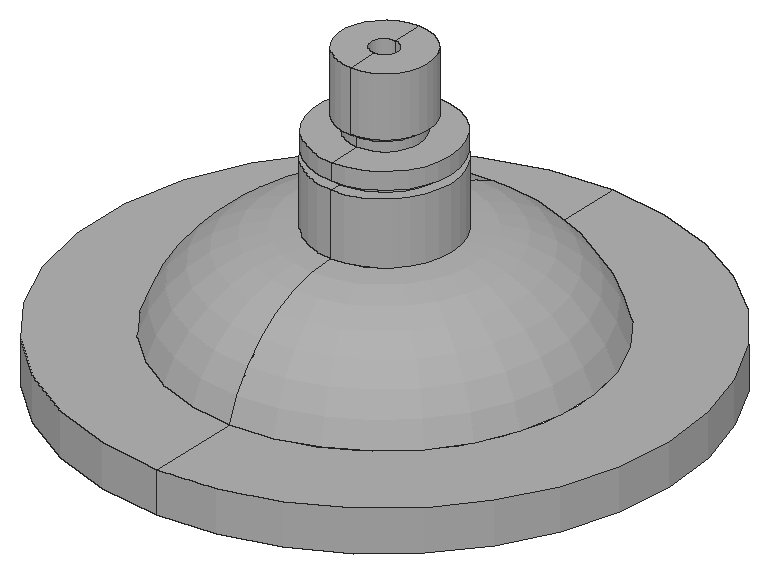
Revit family "BRG-GRF-DCH_ Briggs Reg. Red. Top Met Cr 15.5 cm", category Aparatos sanitarios, Revit 2020
Family settings
  Cota de conector redondo = Diámetro de uso
  Tipo de pieza = Normal
  Número OmniClass = 23.45.00.00
  Título OmniClass = Sanitary, Laundry, and Cleaning Equipment
  Se basa en plano de trabajo = No
  Siempre vertical = Sí
  Corte con vacíos al cargar = No
  Compartido = Sí
  Punto de cálculo de habitación = Sí
Parameters (values of type "REGADERA REDONDA TOP METÁLICA 15.5 CM")
  _EDESA_ Sku/código = "SG0083670001BO"
  _EDESA_ Materiales = "Latón"
  _EDESA_ Garantía = "De por vida para el cuerpo principal y acabado en cromo (306)"
  _EDESA_ Cumple normativa ADA = ""
  _EDESA_ Contacto comercial = "(02) 395 2900"
  _EDESA_ Conexión hidráulica = "Entrada de agua: tubería ø 1/2\""
  _EDESA_ Certificación = "Cumple con norma NTE - INEN 3123 basada en la norma ASME 112.18.1 - 2012."
  _EDESA_ Productos necesarios para instalación = "Brazo de ducha"
  _EDESA_ Productos incluídos = ""
  _EDESA_ Color = "cromo"
  _EDESA_ Descripción = "Regadera de ducha."
  _EDESA_ Peso en kg = "1.8 kg"
  _EDESA_ Consumo/capacidad de agua en L = "9.5 litros por minuto / 2.5 gpm"
  _EDESA_ Distancia de instalación en cm (muro terminado) = "0"
  _EDESA_ Tipo de instalación = "Con brazo de ducha"
  _EDESA_ Profundidad en cm = "15.5"
  _EDESA_ Categoría = "Productos > Grifería > Ducha"
  _EDESA_ BIM Manager = "Arq. Milton Ruano"
  _EDESA_ Autor BIM = "www.bimplus.com.ec (bimplus.arquitectura.integrada@gmail.com)"
  _EDESA_ Ancho en cm = "15.5"
  _EDESA_ Alto en cm = "7.8"
  _EDESA_ Manual de Instalación = "https://www.briggs.com.ec/productos/instructivos/Briggs/Griferia/Regadera_con_brazo.pdf"
  _EDESA_ Nombre = "REGADERA REDONDA TOP METÁLICA 15.5 CM"
  _ALT_Eje instalación = 0.60 m
  _ALT_Basamento = 0.85 m
  URL = ""
  Modelo = "REGADERA REDONDA TOP METÁLICA 15.5 CM"
  Imagen de tipo = <Ninguno>
  Fabricante = "BRIGGS Ecuador"
  Elevación por defecto = 0.00 m
  Conexión de ventilación = yes
  Conexión de residuos = yes
  Conexión AF = yes
  Conexión AC = yes
Reference planes (m)
  plane 1 "Centro (Frontal/Posterior)": y = 0
  plane 2: z = 0
  plane 3 "Centro (Izquierda/Derecha)": x = 0
Dimensions and locks (m)
  aligned and locked: level to plane 2
  aligned and locked: plane 3 "Centro (Izquierda/Derecha)" to nested 1
  aligned and locked: plane 1 "Centro (Frontal/Posterior)" to nested 1
Nested families (m)
  nested 1: "REJILLA" at (0, 0, 0), type "REJILLA"
Connectors (m)
  piping at (0, 0, 0), diameter 0.0127
    settings: on nested 1, index 1, connector inside diameter 609.6 mm, connector length 0.00 m, flow factor 0, pipe flow 0.0 L/s, pressure drop 0.0 Pa, fitting loss kfactor 0, connector angle 0.00°, fixture units 0, engagement length 0.00 m, angle of deflection 0.00°, flow configuration 0, flow direction 1, fitting loss method 0, system type 7, joint type 0, gender type 0, connector reference index -1, connector utility 0, adjustable connector no, is connector primary yes, connector description ""
Definition of nested family "REJILLA"
  Parameters (values of type "REJILLA")
    _EDESA_tipo genérico = "Inodoro"
    _EDESA_URL de ficha técnica = "https://edesa.com.ec/productos/fichastecnicaspdf/Edesa/Sanitarios/Andes.pdf"
    _EDESA_Imagen = 0
    _EDESA_Fábrica nacional = "EDESA Ecuador"
    _EDESA_Código de producto = "JS0022641301CE"
    _EDESA_ Tolerancia dimensional = "± 3% > 20 cm ± 5% < 20 cm"
    _EDESA_ Tipo de montaje / instalación = "30.5 cm"
    _EDESA_ Superficie del agua = "15.5 cm x 18.8 cm"
    _EDESA_ SKU = "JS0022641301CE"
    _EDESA_ Material secundario = "Plástico blanco"
    _EDESA_ Material principal = "Porcelana tono verde mist"
    _EDESA_ Altura = 72.80 m
    _EDESA_ Peso = "23.20 Kg"
    _EDESA_ Nivel mínimo del agua del tanque = "17.5 cm"
    _EDESA_ Largo = 67.50 m
    _EDESA_ Espesor mínimo = "0.6 cm"
    _EDESA_ Diámetro trampa = "4.8 cm"
    _EDESA_ Color = "Blanco"
    _EDESA_ Categoria = "Two pieces"
    _EDESA_ Capacidad / consumo de agua = "4.8 litros"
    _EDESA_ Ancho = 36.50 m
    _EDESA_ Altura de sello = "N/A"
    _ALT_Toma = 0.60 m
    _ALT_Meson = 0.85 m
    URL = "https://edesa.com.ec/productos/fichastecnicaspdf/Edesa/Sanitarios/Andes.pdf"
    Model = "_Edesa_ INODORO ANDES C/A BLANCO"
    Type Image = element 397283
    Manufacturer = "EDESA Ecuador"
    Default Elevation = 0.00 m
    Vent Connection = no
    Waste Connection = no
    CW Connection = no
    HW Connection = no
  Reference planes (m)
    plane 1 "Centro (Frontal/Posterior)": y = 0
    plane 2: z = 0
    plane 3 "Centro (Izquierda/Derecha)": x = 0
    plane 4 "_Alt_Altura de Meson": z = 0.85
    plane 5 "Centro I/E": z = 0.946565
    plane 6 "_RP_Eje": z = 0.6
    plane 7 "Centro (Frontal/Posterior)": y = 0
  Forms (m)
    Revolve 1, solid
      sketch origin (0, 0, 0) x (0, 1, 0) y (0, 0, 1)
        loop
          line (0, -0.079) -> (0.0765, -0.079) -> (0.0765, -0.068) -> (0.052, -0.068)
          arc (0.052, -0.068) -> (0.039101, -0.049923) -> (0.018, -0.043) r 0.03562
          line (0.018, -0.043) -> (0.018, -0.0265) -> (0.015, -0.0265) -> (0.015, -0.0245) -> (0.01775, -0.0245) -> (0.01775, -0.02) -> (0.00925, -0.02) -> (0.00925, -0.0175) -> (0.0115, -0.016) -> (0.0115, 0) -> (0.0035, 0) -> (0.0035, -0.005) -> (0, -0.005) -> (0, -0.079)
        axis (0, -0.079) -> (0, 0)
      angle from 0 to 360
    Revolve 2, solid
      sketch origin (0, -0.001, 0) x (0, -1, 0) y (0, 0, 1)
        loop
          line (-0.065, -0.0835) -> (-0.065, -0.079) -> (-0.069, -0.079) -> (-0.069, -0.0805)
          arc (-0.069, -0.0805) -> (-0.066879, -0.081379) -> (-0.066, -0.0835) r 0.003
          line (-0.066, -0.0835) -> (-0.065, -0.0835)
        axis (-0.065, -0.079) -> (-0.065, -0.0835)
      angle from 0 to 360
    Revolve 3, solid, not visible
      sketch origin (0, 0, 0) x (0, 1, 0) y (0, 0, 1)
        loop
          line (-0.065, -0.0835) -> (-0.065, -0.079) -> (-0.069, -0.079) -> (-0.069, -0.0805)
          arc (-0.069, -0.0805) -> (-0.066879, -0.081379) -> (-0.066, -0.0835) r 0.003
          line (-0.066, -0.0835) -> (-0.065, -0.0835)
        axis (-0.065, -0.079) -> (-0.065, -0.0835)
      angle from 0 to 360
    Revolve 4, solid
      sketch origin (0.000259, -0.000966, 0) x (0.258819, -0.965926, 0) y (0, 0, 1)
        loop
          line (-0.065, -0.0835) -> (-0.065, -0.079) -> (-0.069, -0.079) -> (-0.069, -0.0805)
          arc (-0.069, -0.0805) -> (-0.066879, -0.081379) -> (-0.066, -0.0835) r 0.003
          line (-0.066, -0.0835) -> (-0.065, -0.0835)
        axis (-0.065, -0.079) -> (-0.065, -0.0835)
      angle from 0 to 360
    Revolve 5, solid
      sketch origin (-0.000259, -0.000966, 0) x (-0.258819, -0.965926, 0) y (0, 0, 1)
        loop
          line (-0.065, -0.0835) -> (-0.065, -0.079) -> (-0.069, -0.079) -> (-0.069, -0.0805)
          arc (-0.069, -0.0805) -> (-0.066879, -0.081379) -> (-0.066, -0.0835) r 0.003
          line (-0.066, -0.0835) -> (-0.065, -0.0835)
        axis (-0.065, -0.079) -> (-0.065, -0.0835)
      angle from 0 to 360
    Revolve 6, solid
      sketch origin (-0.0005, -0.000866, 0) x (-0.5, -0.866025, 0) y (0, 0, 1)
        loop
          line (-0.065, -0.0835) -> (-0.065, -0.079) -> (-0.069, -0.079) -> (-0.069, -0.0805)
          arc (-0.069, -0.0805) -> (-0.066879, -0.081379) -> (-0.066, -0.0835) r 0.003
          line (-0.066, -0.0835) -> (-0.065, -0.0835)
        axis (-0.065, -0.079) -> (-0.065, -0.0835)
      angle from 0 to 360
    Revolve 7, solid
      sketch origin (-0.000707, -0.000707, 0) x (-0.707107, -0.707107, 0) y (0, 0, 1)
        loop
          line (-0.065, -0.0835) -> (-0.065, -0.079) -> (-0.069, -0.079) -> (-0.069, -0.0805)
          arc (-0.069, -0.0805) -> (-0.066879, -0.081379) -> (-0.066, -0.0835) r 0.003
          line (-0.066, -0.0835) -> (-0.065, -0.0835)
        axis (-0.065, -0.079) -> (-0.065, -0.0835)
      angle from 0 to 360
    Revolve 8, solid
      sketch origin (-0.000866, -0.0005, 0) x (-0.866025, -0.5, 0) y (0, 0, 1)
        loop
          line (-0.065, -0.0835) -> (-0.065, -0.079) -> (-0.069, -0.079) -> (-0.069, -0.0805)
          arc (-0.069, -0.0805) -> (-0.066879, -0.081379) -> (-0.066, -0.0835) r 0.003
          line (-0.066, -0.0835) -> (-0.065, -0.0835)
        axis (-0.065, -0.079) -> (-0.065, -0.0835)
      angle from 0 to 360
    Revolve 9, solid
      sketch origin (-0.000966, -0.000259, 0) x (-0.965926, -0.258819, 0) y (0, 0, 1)
        loop
          line (-0.065, -0.0835) -> (-0.065, -0.079) -> (-0.069, -0.079) -> (-0.069, -0.0805)
          arc (-0.069, -0.0805) -> (-0.066879, -0.081379) -> (-0.066, -0.0835) r 0.003
          line (-0.066, -0.0835) -> (-0.065, -0.0835)
        axis (-0.065, -0.079) -> (-0.065, -0.0835)
      angle from 0 to 360
    Revolve 10, solid
      sketch origin (-0.001, 0, 0) x (-1, 0, 0) y (0, 0, 1)
        loop
          line (-0.065, -0.0835) -> (-0.065, -0.079) -> (-0.069, -0.079) -> (-0.069, -0.0805)
          arc (-0.069, -0.0805) -> (-0.066879, -0.081379) -> (-0.066, -0.0835) r 0.003
          line (-0.066, -0.0835) -> (-0.065, -0.0835)
        axis (-0.065, -0.079) -> (-0.065, -0.0835)
      angle from 0 to 360
    Revolve 11, solid
      sketch origin (-0.000966, 0.000259, 0) x (-0.965926, 0.258819, 0) y (0, 0, 1)
        loop
          line (-0.065, -0.0835) -> (-0.065, -0.079) -> (-0.069, -0.079) -> (-0.069, -0.0805)
          arc (-0.069, -0.0805) -> (-0.066879, -0.081379) -> (-0.066, -0.0835) r 0.003
          line (-0.066, -0.0835) -> (-0.065, -0.0835)
        axis (-0.065, -0.079) -> (-0.065, -0.0835)
      angle from 0 to 360
    Revolve 12, solid
      sketch origin (-0.000866, 0.0005, 0) x (-0.866025, 0.5, 0) y (0, 0, 1)
        loop
          line (-0.065, -0.0835) -> (-0.065, -0.079) -> (-0.069, -0.079) -> (-0.069, -0.0805)
          arc (-0.069, -0.0805) -> (-0.066879, -0.081379) -> (-0.066, -0.0835) r 0.003
          line (-0.066, -0.0835) -> (-0.065, -0.0835)
        axis (-0.065, -0.079) -> (-0.065, -0.0835)
      angle from 0 to 360
    Revolve 13, solid
      sketch origin (-0.000707, 0.000707, 0) x (-0.707107, 0.707107, 0) y (0, 0, 1)
        loop
          line (-0.065, -0.0835) -> (-0.065, -0.079) -> (-0.069, -0.079) -> (-0.069, -0.0805)
          arc (-0.069, -0.0805) -> (-0.066879, -0.081379) -> (-0.066, -0.0835) r 0.003
          line (-0.066, -0.0835) -> (-0.065, -0.0835)
        axis (-0.065, -0.079) -> (-0.065, -0.0835)
      angle from 0 to 360
    Revolve 14, solid
      sketch origin (-0.0005, 0.000866, 0) x (-0.5, 0.866025, 0) y (0, 0, 1)
        loop
          line (-0.065, -0.0835) -> (-0.065, -0.079) -> (-0.069, -0.079) -> (-0.069, -0.0805)
          arc (-0.069, -0.0805) -> (-0.066879, -0.081379) -> (-0.066, -0.0835) r 0.003
          line (-0.066, -0.0835) -> (-0.065, -0.0835)
        axis (-0.065, -0.079) -> (-0.065, -0.0835)
      angle from 0 to 360
    Revolve 15, solid
      sketch origin (-0.000259, 0.000966, 0) x (-0.258819, 0.965926, 0) y (0, 0, 1)
        loop
          line (-0.065, -0.0835) -> (-0.065, -0.079) -> (-0.069, -0.079) -> (-0.069, -0.0805)
          arc (-0.069, -0.0805) -> (-0.066879, -0.081379) -> (-0.066, -0.0835) r 0.003
          line (-0.066, -0.0835) -> (-0.065, -0.0835)
        axis (-0.065, -0.079) -> (-0.065, -0.0835)
      angle from 0 to 360
    Revolve 16, solid
      sketch origin (0, 0.001, 0) x (0, 1, 0) y (0, 0, 1)
        loop
          line (-0.065, -0.0835) -> (-0.065, -0.079) -> (-0.069, -0.079) -> (-0.069, -0.0805)
          arc (-0.069, -0.0805) -> (-0.066879, -0.081379) -> (-0.066, -0.0835) r 0.003
          line (-0.066, -0.0835) -> (-0.065, -0.0835)
        axis (-0.065, -0.079) -> (-0.065, -0.0835)
      angle from 0 to 360
    Revolve 17, solid
      sketch origin (0.000259, 0.000966, 0) x (0.258819, 0.965926, 0) y (0, 0, 1)
        loop
          line (-0.065, -0.0835) -> (-0.065, -0.079) -> (-0.069, -0.079) -> (-0.069, -0.0805)
          arc (-0.069, -0.0805) -> (-0.066879, -0.081379) -> (-0.066, -0.0835) r 0.003
          line (-0.066, -0.0835) -> (-0.065, -0.0835)
        axis (-0.065, -0.079) -> (-0.065, -0.0835)
      angle from 0 to 360
    Revolve 18, solid
      sketch origin (0.0005, 0.000866, 0) x (0.5, 0.866025, 0) y (0, 0, 1)
        loop
          line (-0.065, -0.0835) -> (-0.065, -0.079) -> (-0.069, -0.079) -> (-0.069, -0.0805)
          arc (-0.069, -0.0805) -> (-0.066879, -0.081379) -> (-0.066, -0.0835) r 0.003
          line (-0.066, -0.0835) -> (-0.065, -0.0835)
        axis (-0.065, -0.079) -> (-0.065, -0.0835)
      angle from 0 to 360
    Revolve 19, solid
      sketch origin (0.000707, 0.000707, 0) x (0.707107, 0.707107, 0) y (0, 0, 1)
        loop
          line (-0.065, -0.0835) -> (-0.065, -0.079) -> (-0.069, -0.079) -> (-0.069, -0.0805)
          arc (-0.069, -0.0805) -> (-0.066879, -0.081379) -> (-0.066, -0.0835) r 0.003
          line (-0.066, -0.0835) -> (-0.065, -0.0835)
        axis (-0.065, -0.079) -> (-0.065, -0.0835)
      angle from 0 to 360
    Revolve 20, solid
      sketch origin (0.000866, 0.0005, 0) x (0.866025, 0.5, 0) y (0, 0, 1)
        loop
          line (-0.065, -0.0835) -> (-0.065, -0.079) -> (-0.069, -0.079) -> (-0.069, -0.0805)
          arc (-0.069, -0.0805) -> (-0.066879, -0.081379) -> (-0.066, -0.0835) r 0.003
          line (-0.066, -0.0835) -> (-0.065, -0.0835)
        axis (-0.065, -0.079) -> (-0.065, -0.0835)
      angle from 0 to 360
    Revolve 21, solid
      sketch origin (0.000966, 0.000259, 0) x (0.965926, 0.258819, 0) y (0, 0, 1)
        loop
          line (-0.065, -0.0835) -> (-0.065, -0.079) -> (-0.069, -0.079) -> (-0.069, -0.0805)
          arc (-0.069, -0.0805) -> (-0.066879, -0.081379) -> (-0.066, -0.0835) r 0.003
          line (-0.066, -0.0835) -> (-0.065, -0.0835)
        axis (-0.065, -0.079) -> (-0.065, -0.0835)
      angle from 0 to 360
    Revolve 22, solid
      sketch origin (0.001, 0, 0) x (1, 0, 0) y (0, 0, 1)
        loop
          line (-0.065, -0.0835) -> (-0.065, -0.079) -> (-0.069, -0.079) -> (-0.069, -0.0805)
          arc (-0.069, -0.0805) -> (-0.066879, -0.081379) -> (-0.066, -0.0835) r 0.003
          line (-0.066, -0.0835) -> (-0.065, -0.0835)
        axis (-0.065, -0.079) -> (-0.065, -0.0835)
      angle from 0 to 360
    Revolve 23, solid
      sketch origin (0.000966, -0.000259, 0) x (0.965926, -0.258819, 0) y (0, 0, 1)
        loop
          line (-0.065, -0.0835) -> (-0.065, -0.079) -> (-0.069, -0.079) -> (-0.069, -0.0805)
          arc (-0.069, -0.0805) -> (-0.066879, -0.081379) -> (-0.066, -0.0835) r 0.003
          line (-0.066, -0.0835) -> (-0.065, -0.0835)
        axis (-0.065, -0.079) -> (-0.065, -0.0835)
      angle from 0 to 360
    Revolve 24, solid
      sketch origin (0.000866, -0.0005, 0) x (0.866025, -0.5, 0) y (0, 0, 1)
        loop
          line (-0.065, -0.0835) -> (-0.065, -0.079) -> (-0.069, -0.079) -> (-0.069, -0.0805)
          arc (-0.069, -0.0805) -> (-0.066879, -0.081379) -> (-0.066, -0.0835) r 0.003
          line (-0.066, -0.0835) -> (-0.065, -0.0835)
        axis (-0.065, -0.079) -> (-0.065, -0.0835)
      angle from 0 to 360
    Revolve 25, solid
      sketch origin (0.000707, -0.000707, 0) x (0.707107, -0.707107, 0) y (0, 0, 1)
        loop
          line (-0.065, -0.0835) -> (-0.065, -0.079) -> (-0.069, -0.079) -> (-0.069, -0.0805)
          arc (-0.069, -0.0805) -> (-0.066879, -0.081379) -> (-0.066, -0.0835) r 0.003
          line (-0.066, -0.0835) -> (-0.065, -0.0835)
        axis (-0.065, -0.079) -> (-0.065, -0.0835)
      angle from 0 to 360
    Revolve 26, solid
      sketch origin (0.0005, -0.000866, 0) x (0.5, -0.866025, 0) y (0, 0, 1)
        loop
          line (-0.065, -0.0835) -> (-0.065, -0.079) -> (-0.069, -0.079) -> (-0.069, -0.0805)
          arc (-0.069, -0.0805) -> (-0.066879, -0.081379) -> (-0.066, -0.0835) r 0.003
          line (-0.066, -0.0835) -> (-0.065, -0.0835)
        axis (-0.065, -0.079) -> (-0.065, -0.0835)
      angle from 0 to 360
    Revolve 27, solid
      sketch origin (0.008161, -0.018714, 0) x (0, -1, 0) y (0, 0, 1)
        loop
          line (-0.065, -0.0835) -> (-0.065, -0.079) -> (-0.069, -0.079) -> (-0.069, -0.0805)
          arc (-0.069, -0.0805) -> (-0.066879, -0.081379) -> (-0.066, -0.0835) r 0.003
          line (-0.066, -0.0835) -> (-0.065, -0.0835)
        axis (-0.065, -0.079) -> (-0.065, -0.0835)
      angle from 0 to 360
    Revolve 28, solid
      sketch origin (0.01407, -0.014794, 0) x (0.34202, -0.939693, 0) y (0, 0, 1)
        loop
          line (-0.065, -0.0835) -> (-0.065, -0.079) -> (-0.069, -0.079) -> (-0.069, -0.0805)
          arc (-0.069, -0.0805) -> (-0.066879, -0.081379) -> (-0.066, -0.0835) r 0.003
          line (-0.066, -0.0835) -> (-0.065, -0.0835)
        axis (-0.065, -0.079) -> (-0.065, -0.0835)
      angle from 0 to 360
    Revolve 29, solid
      sketch origin (0.001269, -0.020377, 0) x (-0.34202, -0.939693, 0) y (0, 0, 1)
        loop
          line (-0.065, -0.0835) -> (-0.065, -0.079) -> (-0.069, -0.079) -> (-0.069, -0.0805)
          arc (-0.069, -0.0805) -> (-0.066879, -0.081379) -> (-0.066, -0.0835) r 0.003
          line (-0.066, -0.0835) -> (-0.065, -0.0835)
        axis (-0.065, -0.079) -> (-0.065, -0.0835)
      angle from 0 to 360
    Revolve 30, solid
      sketch origin (-0.005777, -0.019582, 0) x (-0.642788, -0.766044, 0) y (0, 0, 1)
        loop
          line (-0.065, -0.0835) -> (-0.065, -0.079) -> (-0.069, -0.079) -> (-0.069, -0.0805)
          arc (-0.069, -0.0805) -> (-0.066879, -0.081379) -> (-0.066, -0.0835) r 0.003
          line (-0.066, -0.0835) -> (-0.065, -0.0835)
        axis (-0.065, -0.079) -> (-0.065, -0.0835)
      angle from 0 to 360
    Revolve 31, solid
      sketch origin (-0.012126, -0.016425, 0) x (-0.866025, -0.5, 0) y (0, 0, 1)
        loop
          line (-0.065, -0.0835) -> (-0.065, -0.079) -> (-0.069, -0.079) -> (-0.069, -0.0805)
          arc (-0.069, -0.0805) -> (-0.066879, -0.081379) -> (-0.066, -0.0835) r 0.003
          line (-0.066, -0.0835) -> (-0.065, -0.0835)
        axis (-0.065, -0.079) -> (-0.065, -0.0835)
      angle from 0 to 360
    Revolve 32, solid
      sketch origin (-0.017013, -0.011287, 0) x (-0.984808, -0.173648, 0) y (0, 0, 1)
        loop
          line (-0.065, -0.0835) -> (-0.065, -0.079) -> (-0.069, -0.079) -> (-0.069, -0.0805)
          arc (-0.069, -0.0805) -> (-0.066879, -0.081379) -> (-0.066, -0.0835) r 0.003
          line (-0.066, -0.0835) -> (-0.065, -0.0835)
        axis (-0.065, -0.079) -> (-0.065, -0.0835)
      angle from 0 to 360
    Revolve 33, solid
      sketch origin (-0.019847, -0.004788, 0) x (-0.984808, 0.173648, 0) y (0, 0, 1)
        loop
          line (-0.065, -0.0835) -> (-0.065, -0.079) -> (-0.069, -0.079) -> (-0.069, -0.0805)
          arc (-0.069, -0.0805) -> (-0.066879, -0.081379) -> (-0.066, -0.0835) r 0.003
          line (-0.066, -0.0835) -> (-0.065, -0.0835)
        axis (-0.065, -0.079) -> (-0.065, -0.0835)
      angle from 0 to 360
    Revolve 34, solid
      sketch origin (-0.020288, 0.002289, 0) x (-0.866025, 0.5, 0) y (0, 0, 1)
        loop
          line (-0.065, -0.0835) -> (-0.065, -0.079) -> (-0.069, -0.079) -> (-0.069, -0.0805)
          arc (-0.069, -0.0805) -> (-0.066879, -0.081379) -> (-0.066, -0.0835) r 0.003
          line (-0.066, -0.0835) -> (-0.065, -0.0835)
        axis (-0.065, -0.079) -> (-0.065, -0.0835)
      angle from 0 to 360
    Revolve 35, solid
      sketch origin (-0.018281, 0.00909, 0) x (-0.642788, 0.766044, 0) y (0, 0, 1)
        loop
          line (-0.065, -0.0835) -> (-0.065, -0.079) -> (-0.069, -0.079) -> (-0.069, -0.0805)
          arc (-0.069, -0.0805) -> (-0.066879, -0.081379) -> (-0.066, -0.0835) r 0.003
          line (-0.066, -0.0835) -> (-0.065, -0.0835)
        axis (-0.065, -0.079) -> (-0.065, -0.0835)
      angle from 0 to 360
    Revolve 36, solid
      sketch origin (-0.01407, 0.014794, 0) x (-0.34202, 0.939693, 0) y (0, 0, 1)
        loop
          line (-0.065, -0.0835) -> (-0.065, -0.079) -> (-0.069, -0.079) -> (-0.069, -0.0805)
          arc (-0.069, -0.0805) -> (-0.066879, -0.081379) -> (-0.066, -0.0835) r 0.003
          line (-0.066, -0.0835) -> (-0.065, -0.0835)
        axis (-0.065, -0.079) -> (-0.065, -0.0835)
      angle from 0 to 360
    Revolve 37, solid
      sketch origin (-0.008161, 0.018714, 0) x (0, 1, 0) y (0, 0, 1)
        loop
          line (-0.065, -0.0835) -> (-0.065, -0.079) -> (-0.069, -0.079) -> (-0.069, -0.0805)
          arc (-0.069, -0.0805) -> (-0.066879, -0.081379) -> (-0.066, -0.0835) r 0.003
          line (-0.066, -0.0835) -> (-0.065, -0.0835)
        axis (-0.065, -0.079) -> (-0.065, -0.0835)
      angle from 0 to 360
    Revolve 38, solid
      sketch origin (-0.001269, 0.020377, 0) x (0.34202, 0.939693, 0) y (0, 0, 1)
        loop
          line (-0.065, -0.0835) -> (-0.065, -0.079) -> (-0.069, -0.079) -> (-0.069, -0.0805)
          arc (-0.069, -0.0805) -> (-0.066879, -0.081379) -> (-0.066, -0.0835) r 0.003
          line (-0.066, -0.0835) -> (-0.065, -0.0835)
        axis (-0.065, -0.079) -> (-0.065, -0.0835)
      angle from 0 to 360
    Revolve 39, solid
      sketch origin (0.005777, 0.019582, 0) x (0.642788, 0.766044, 0) y (0, 0, 1)
        loop
          line (-0.065, -0.0835) -> (-0.065, -0.079) -> (-0.069, -0.079) -> (-0.069, -0.0805)
          arc (-0.069, -0.0805) -> (-0.066879, -0.081379) -> (-0.066, -0.0835) r 0.003
          line (-0.066, -0.0835) -> (-0.065, -0.0835)
        axis (-0.065, -0.079) -> (-0.065, -0.0835)
      angle from 0 to 360
    Revolve 40, solid
      sketch origin (0.012126, 0.016425, 0) x (0.866025, 0.5, 0) y (0, 0, 1)
        loop
          line (-0.065, -0.0835) -> (-0.065, -0.079) -> (-0.069, -0.079) -> (-0.069, -0.0805)
          arc (-0.069, -0.0805) -> (-0.066879, -0.081379) -> (-0.066, -0.0835) r 0.003
          line (-0.066, -0.0835) -> (-0.065, -0.0835)
        axis (-0.065, -0.079) -> (-0.065, -0.0835)
      angle from 0 to 360
    Revolve 41, solid
      sketch origin (0.017013, 0.011287, 0) x (0.984808, 0.173648, 0) y (0, 0, 1)
        loop
          line (-0.065, -0.0835) -> (-0.065, -0.079) -> (-0.069, -0.079) -> (-0.069, -0.0805)
          arc (-0.069, -0.0805) -> (-0.066879, -0.081379) -> (-0.066, -0.0835) r 0.003
          line (-0.066, -0.0835) -> (-0.065, -0.0835)
        axis (-0.065, -0.079) -> (-0.065, -0.0835)
      angle from 0 to 360
    Revolve 42, solid
      sketch origin (0.019847, 0.004788, 0) x (0.984808, -0.173648, 0) y (0, 0, 1)
        loop
          line (-0.065, -0.0835) -> (-0.065, -0.079) -> (-0.069, -0.079) -> (-0.069, -0.0805)
          arc (-0.069, -0.0805) -> (-0.066879, -0.081379) -> (-0.066, -0.0835) r 0.003
          line (-0.066, -0.0835) -> (-0.065, -0.0835)
        axis (-0.065, -0.079) -> (-0.065, -0.0835)
      angle from 0 to 360
    Revolve 43, solid
      sketch origin (0.020288, -0.002289, 0) x (0.866025, -0.5, 0) y (0, 0, 1)
        loop
          line (-0.065, -0.0835) -> (-0.065, -0.079) -> (-0.069, -0.079) -> (-0.069, -0.0805)
          arc (-0.069, -0.0805) -> (-0.066879, -0.081379) -> (-0.066, -0.0835) r 0.003
          line (-0.066, -0.0835) -> (-0.065, -0.0835)
        axis (-0.065, -0.079) -> (-0.065, -0.0835)
      angle from 0 to 360
    Revolve 44, solid
      sketch origin (0.018281, -0.00909, 0) x (0.642788, -0.766044, 0) y (0, 0, 1)
        loop
          line (-0.065, -0.0835) -> (-0.065, -0.079) -> (-0.069, -0.079) -> (-0.069, -0.0805)
          arc (-0.069, -0.0805) -> (-0.066879, -0.081379) -> (-0.066, -0.0835) r 0.003
          line (-0.066, -0.0835) -> (-0.065, -0.0835)
        axis (-0.065, -0.079) -> (-0.065, -0.0835)
      angle from 0 to 360
    Revolve 45, solid
      sketch origin (0, -0.034, 0) x (0, -1, 0) y (0, 0, 1)
        loop
          line (-0.065, -0.0835) -> (-0.065, -0.079) -> (-0.069, -0.079) -> (-0.069, -0.0805)
          arc (-0.069, -0.0805) -> (-0.066879, -0.081379) -> (-0.066, -0.0835) r 0.003
          line (-0.066, -0.0835) -> (-0.065, -0.0835)
        axis (-0.065, -0.079) -> (-0.065, -0.0835)
      angle from 0 to 360
    Revolve 46, solid
      sketch origin (0.017, -0.029445, 0) x (0.5, -0.866025, 0) y (0, 0, 1)
        loop
          line (-0.065, -0.0835) -> (-0.065, -0.079) -> (-0.069, -0.079) -> (-0.069, -0.0805)
          arc (-0.069, -0.0805) -> (-0.066879, -0.081379) -> (-0.066, -0.0835) r 0.003
          line (-0.066, -0.0835) -> (-0.065, -0.0835)
        axis (-0.065, -0.079) -> (-0.065, -0.0835)
      angle from 0 to 360
    Revolve 47, solid
      sketch origin (-0.017, -0.029445, 0) x (-0.5, -0.866025, 0) y (0, 0, 1)
        loop
          line (-0.065, -0.0835) -> (-0.065, -0.079) -> (-0.069, -0.079) -> (-0.069, -0.0805)
          arc (-0.069, -0.0805) -> (-0.066879, -0.081379) -> (-0.066, -0.0835) r 0.003
          line (-0.066, -0.0835) -> (-0.065, -0.0835)
        axis (-0.065, -0.079) -> (-0.065, -0.0835)
      angle from 0 to 360
    Revolve 48, solid
      sketch origin (-0.029445, -0.017, 0) x (-0.866025, -0.5, 0) y (0, 0, 1)
        loop
          line (-0.065, -0.0835) -> (-0.065, -0.079) -> (-0.069, -0.079) -> (-0.069, -0.0805)
          arc (-0.069, -0.0805) -> (-0.066879, -0.081379) -> (-0.066, -0.0835) r 0.003
          line (-0.066, -0.0835) -> (-0.065, -0.0835)
        axis (-0.065, -0.079) -> (-0.065, -0.0835)
      angle from 0 to 360
    Revolve 49, solid
      sketch origin (-0.034, 0, 0) x (-1, 0, 0) y (0, 0, 1)
        loop
          line (-0.065, -0.0835) -> (-0.065, -0.079) -> (-0.069, -0.079) -> (-0.069, -0.0805)
          arc (-0.069, -0.0805) -> (-0.066879, -0.081379) -> (-0.066, -0.0835) r 0.003
          line (-0.066, -0.0835) -> (-0.065, -0.0835)
        axis (-0.065, -0.079) -> (-0.065, -0.0835)
      angle from 0 to 360
    Revolve 50, solid
      sketch origin (-0.029445, 0.017, 0) x (-0.866025, 0.5, 0) y (0, 0, 1)
        loop
          line (-0.065, -0.0835) -> (-0.065, -0.079) -> (-0.069, -0.079) -> (-0.069, -0.0805)
          arc (-0.069, -0.0805) -> (-0.066879, -0.081379) -> (-0.066, -0.0835) r 0.003
          line (-0.066, -0.0835) -> (-0.065, -0.0835)
        axis (-0.065, -0.079) -> (-0.065, -0.0835)
      angle from 0 to 360
    Revolve 51, solid
      sketch origin (-0.017, 0.029445, 0) x (-0.5, 0.866025, 0) y (0, 0, 1)
        loop
          line (-0.065, -0.0835) -> (-0.065, -0.079) -> (-0.069, -0.079) -> (-0.069, -0.0805)
          arc (-0.069, -0.0805) -> (-0.066879, -0.081379) -> (-0.066, -0.0835) r 0.003
          line (-0.066, -0.0835) -> (-0.065, -0.0835)
        axis (-0.065, -0.079) -> (-0.065, -0.0835)
      angle from 0 to 360
    Revolve 52, solid
      sketch origin (0, 0.034, 0) x (0, 1, 0) y (0, 0, 1)
        loop
          line (-0.065, -0.0835) -> (-0.065, -0.079) -> (-0.069, -0.079) -> (-0.069, -0.0805)
          arc (-0.069, -0.0805) -> (-0.066879, -0.081379) -> (-0.066, -0.0835) r 0.003
          line (-0.066, -0.0835) -> (-0.065, -0.0835)
        axis (-0.065, -0.079) -> (-0.065, -0.0835)
      angle from 0 to 360
    Revolve 53, solid
      sketch origin (0.017, 0.029445, 0) x (0.5, 0.866025, 0) y (0, 0, 1)
        loop
          line (-0.065, -0.0835) -> (-0.065, -0.079) -> (-0.069, -0.079) -> (-0.069, -0.0805)
          arc (-0.069, -0.0805) -> (-0.066879, -0.081379) -> (-0.066, -0.0835) r 0.003
          line (-0.066, -0.0835) -> (-0.065, -0.0835)
        axis (-0.065, -0.079) -> (-0.065, -0.0835)
      angle from 0 to 360
    Revolve 54, solid
      sketch origin (0.029445, 0.017, 0) x (0.866025, 0.5, 0) y (0, 0, 1)
        loop
          line (-0.065, -0.0835) -> (-0.065, -0.079) -> (-0.069, -0.079) -> (-0.069, -0.0805)
          arc (-0.069, -0.0805) -> (-0.066879, -0.081379) -> (-0.066, -0.0835) r 0.003
          line (-0.066, -0.0835) -> (-0.065, -0.0835)
        axis (-0.065, -0.079) -> (-0.065, -0.0835)
      angle from 0 to 360
    Revolve 55, solid
      sketch origin (0.034, 0, 0) x (1, 0, 0) y (0, 0, 1)
        loop
          line (-0.065, -0.0835) -> (-0.065, -0.079) -> (-0.069, -0.079) -> (-0.069, -0.0805)
          arc (-0.069, -0.0805) -> (-0.066879, -0.081379) -> (-0.066, -0.0835) r 0.003
          line (-0.066, -0.0835) -> (-0.065, -0.0835)
        axis (-0.065, -0.079) -> (-0.065, -0.0835)
      angle from 0 to 360
    Revolve 56, solid
      sketch origin (0.029445, -0.017, 0) x (0.866025, -0.5, 0) y (0, 0, 1)
        loop
          line (-0.065, -0.0835) -> (-0.065, -0.079) -> (-0.069, -0.079) -> (-0.069, -0.0805)
          arc (-0.069, -0.0805) -> (-0.066879, -0.081379) -> (-0.066, -0.0835) r 0.003
          line (-0.066, -0.0835) -> (-0.065, -0.0835)
        axis (-0.065, -0.079) -> (-0.065, -0.0835)
      angle from 0 to 360
    Revolve 57, solid
      sketch origin (0.0075, -0.05201, 0) x (0, -1, 0) y (0, 0, 1)
        loop
          line (-0.065, -0.0835) -> (-0.065, -0.079) -> (-0.069, -0.079) -> (-0.069, -0.0805)
          arc (-0.069, -0.0805) -> (-0.066879, -0.081379) -> (-0.066, -0.0835) r 0.003
          line (-0.066, -0.0835) -> (-0.065, -0.0835)
        axis (-0.065, -0.079) -> (-0.065, -0.0835)
      angle from 0 to 360
    Revolve 58, solid
      sketch origin (0.048792, -0.01951, 0) x (0.866025, -0.5, 0) y (0, 0, 1)
        loop
          line (-0.065, -0.0835) -> (-0.065, -0.079) -> (-0.069, -0.079) -> (-0.069, -0.0805)
          arc (-0.069, -0.0805) -> (-0.066879, -0.081379) -> (-0.066, -0.0835) r 0.003
          line (-0.066, -0.0835) -> (-0.065, -0.0835)
        axis (-0.065, -0.079) -> (-0.065, -0.0835)
      angle from 0 to 360
    Revolve 59, solid
      sketch origin (-0.041292, -0.0325, 0) x (-0.866025, -0.5, 0) y (0, 0, 1)
        loop
          line (-0.065, -0.0835) -> (-0.065, -0.079) -> (-0.069, -0.079) -> (-0.069, -0.0805)
          arc (-0.069, -0.0805) -> (-0.066879, -0.081379) -> (-0.066, -0.0835) r 0.003
          line (-0.066, -0.0835) -> (-0.065, -0.0835)
        axis (-0.065, -0.079) -> (-0.065, -0.0835)
      angle from 0 to 360
    Revolve 60, solid
      sketch origin (-0.048792, 0.01951, 0) x (-0.866025, 0.5, 0) y (0, 0, 1)
        loop
          line (-0.065, -0.0835) -> (-0.065, -0.079) -> (-0.069, -0.079) -> (-0.069, -0.0805)
          arc (-0.069, -0.0805) -> (-0.066879, -0.081379) -> (-0.066, -0.0835) r 0.003
          line (-0.066, -0.0835) -> (-0.065, -0.0835)
        axis (-0.065, -0.079) -> (-0.065, -0.0835)
      angle from 0 to 360
    Revolve 61, solid
      sketch origin (-0.0075, 0.05201, 0) x (0, 1, 0) y (0, 0, 1)
        loop
          line (-0.065, -0.0835) -> (-0.065, -0.079) -> (-0.069, -0.079) -> (-0.069, -0.0805)
          arc (-0.069, -0.0805) -> (-0.066879, -0.081379) -> (-0.066, -0.0835) r 0.003
          line (-0.066, -0.0835) -> (-0.065, -0.0835)
        axis (-0.065, -0.079) -> (-0.065, -0.0835)
      angle from 0 to 360
    Revolve 62, solid
      sketch origin (0.041292, 0.0325, 0) x (0.866025, 0.5, 0) y (0, 0, 1)
        loop
          line (-0.065, -0.0835) -> (-0.065, -0.079) -> (-0.069, -0.079) -> (-0.069, -0.0805)
          arc (-0.069, -0.0805) -> (-0.066879, -0.081379) -> (-0.066, -0.0835) r 0.003
          line (-0.066, -0.0835) -> (-0.065, -0.0835)
        axis (-0.065, -0.079) -> (-0.065, -0.0835)
      angle from 0 to 360
  Dimensions and locks (m)
    plane 4 "_Alt_Altura de Meson" to level = 0.85 m
    "_ALT_Toma": plane 6 "_RP_Eje" to plane 2
    "_ALT_Meson": plane 4 "_Alt_Altura de Meson" to plane 2
    aligned and locked: level to plane 2
  Automatic sketch dimensions
    Revolve 3 sketch curve to Revolve 3 sketch curve = 0.003 m
    Revolve 3 sketch curve to Revolve 3 sketch curve = 0.0015 m
    Revolve 3 sketch curve to Revolve 3 sketch curve = 0.001 m
    Revolve 3 sketch curve to Revolve 3 sketch curve = 0.00 m  (x2)
    Revolve 3 sketch curve to Revolve 3 sketch curve = 0.002689 m
    Revolve 27 sketch curve to Revolve 27 sketch curve = 0.003 m
    Revolve 27 sketch curve to Revolve 27 sketch curve = 0.001 m
    Revolve 27 sketch curve to Revolve 27 sketch curve = 0.0015 m
    Revolve 27 sketch curve to Revolve 27 sketch curve = 0.00 m  (x2)
    Revolve 27 sketch curve to Revolve 27 sketch curve = 0.002689 m
    Revolve 28 sketch curve to Revolve 28 sketch curve = 0.003 m
    Revolve 28 sketch curve to Revolve 28 sketch curve = 0.001 m
    Revolve 28 sketch curve to Revolve 28 sketch curve = 0.0015 m
    Revolve 28 sketch curve to Revolve 28 sketch curve = 0.00 m  (x2)
    Revolve 28 sketch curve to Revolve 28 sketch curve = 0.002689 m
    Revolve 29 sketch curve to Revolve 29 sketch curve = 0.003 m
    Revolve 29 sketch curve to Revolve 29 sketch curve = 0.001 m
    Revolve 29 sketch curve to Revolve 29 sketch curve = 0.0015 m
    Revolve 29 sketch curve to Revolve 29 sketch curve = 0.00 m  (x2)
    Revolve 29 sketch curve to Revolve 29 sketch curve = 0.002689 m
    Revolve 30 sketch curve to Revolve 30 sketch curve = 0.003 m
    Revolve 30 sketch curve to Revolve 30 sketch curve = 0.001 m
    Revolve 30 sketch curve to Revolve 30 sketch curve = 0.0015 m
    Revolve 30 sketch curve to Revolve 30 sketch curve = 0.00 m  (x2)
    Revolve 30 sketch curve to Revolve 30 sketch curve = 0.002689 m
    Revolve 31 sketch curve to Revolve 31 sketch curve = 0.003 m
    Revolve 31 sketch curve to Revolve 31 sketch curve = 0.001 m
    Revolve 31 sketch curve to Revolve 31 sketch curve = 0.0015 m
    Revolve 31 sketch curve to Revolve 31 sketch curve = 0.00 m  (x2)
    Revolve 31 sketch curve to Revolve 31 sketch curve = 0.002689 m
    Revolve 32 sketch curve to Revolve 32 sketch curve = 0.003 m
    Revolve 32 sketch curve to Revolve 32 sketch curve = 0.001 m
    Revolve 32 sketch curve to Revolve 32 sketch curve = 0.0015 m
    Revolve 32 sketch curve to Revolve 32 sketch curve = 0.00 m  (x2)
    Revolve 32 sketch curve to Revolve 32 sketch curve = 0.002689 m
    Revolve 33 sketch curve to Revolve 33 sketch curve = 0.003 m
    Revolve 33 sketch curve to Revolve 33 sketch curve = 0.001 m
    Revolve 33 sketch curve to Revolve 33 sketch curve = 0.0015 m
    Revolve 33 sketch curve to Revolve 33 sketch curve = 0.00 m  (x2)
    Revolve 33 sketch curve to Revolve 33 sketch curve = 0.002689 m
    Revolve 34 sketch curve to Revolve 34 sketch curve = 0.003 m
    Revolve 34 sketch curve to Revolve 34 sketch curve = 0.001 m
    Revolve 34 sketch curve to Revolve 34 sketch curve = 0.0015 m
    Revolve 34 sketch curve to Revolve 34 sketch curve = 0.00 m  (x2)
    Revolve 34 sketch curve to Revolve 34 sketch curve = 0.002689 m
    Revolve 35 sketch curve to Revolve 35 sketch curve = 0.003 m
    Revolve 35 sketch curve to Revolve 35 sketch curve = 0.001 m
    Revolve 35 sketch curve to Revolve 35 sketch curve = 0.0015 m
    Revolve 35 sketch curve to Revolve 35 sketch curve = 0.00 m  (x2)
    Revolve 35 sketch curve to Revolve 35 sketch curve = 0.002689 m
    Revolve 36 sketch curve to Revolve 36 sketch curve = 0.003 m
    Revolve 36 sketch curve to Revolve 36 sketch curve = 0.001 m
    Revolve 36 sketch curve to Revolve 36 sketch curve = 0.0015 m
    Revolve 36 sketch curve to Revolve 36 sketch curve = 0.00 m  (x2)
    Revolve 36 sketch curve to Revolve 36 sketch curve = 0.002689 m
    Revolve 37 sketch curve to Revolve 37 sketch curve = 0.003 m
    Revolve 37 sketch curve to Revolve 37 sketch curve = 0.001 m
    Revolve 37 sketch curve to Revolve 37 sketch curve = 0.0015 m
    Revolve 37 sketch curve to Revolve 37 sketch curve = 0.00 m  (x2)
    Revolve 37 sketch curve to Revolve 37 sketch curve = 0.002689 m
    Revolve 38 sketch curve to Revolve 38 sketch curve = 0.003 m
    Revolve 38 sketch curve to Revolve 38 sketch curve = 0.001 m
    Revolve 38 sketch curve to Revolve 38 sketch curve = 0.0015 m
    Revolve 38 sketch curve to Revolve 38 sketch curve = 0.00 m  (x2)
    Revolve 38 sketch curve to Revolve 38 sketch curve = 0.002689 m
    Revolve 39 sketch curve to Revolve 39 sketch curve = 0.003 m
    Revolve 39 sketch curve to Revolve 39 sketch curve = 0.001 m
    Revolve 39 sketch curve to Revolve 39 sketch curve = 0.0015 m
    Revolve 39 sketch curve to Revolve 39 sketch curve = 0.00 m  (x2)
    Revolve 39 sketch curve to Revolve 39 sketch curve = 0.002689 m
    Revolve 40 sketch curve to Revolve 40 sketch curve = 0.003 m
    Revolve 40 sketch curve to Revolve 40 sketch curve = 0.001 m
    Revolve 40 sketch curve to Revolve 40 sketch curve = 0.0015 m
    Revolve 40 sketch curve to Revolve 40 sketch curve = 0.00 m  (x2)
    Revolve 40 sketch curve to Revolve 40 sketch curve = 0.002689 m
    Revolve 41 sketch curve to Revolve 41 sketch curve = 0.003 m
    Revolve 41 sketch curve to Revolve 41 sketch curve = 0.001 m
    Revolve 41 sketch curve to Revolve 41 sketch curve = 0.0015 m
    Revolve 41 sketch curve to Revolve 41 sketch curve = 0.00 m  (x2)
    Revolve 41 sketch curve to Revolve 41 sketch curve = 0.002689 m
    Revolve 42 sketch curve to Revolve 42 sketch curve = 0.003 m
    Revolve 42 sketch curve to Revolve 42 sketch curve = 0.001 m
    Revolve 42 sketch curve to Revolve 42 sketch curve = 0.0015 m
    Revolve 42 sketch curve to Revolve 42 sketch curve = 0.00 m  (x2)
    Revolve 42 sketch curve to Revolve 42 sketch curve = 0.002689 m
    Revolve 43 sketch curve to Revolve 43 sketch curve = 0.003 m
    Revolve 43 sketch curve to Revolve 43 sketch curve = 0.001 m
    Revolve 43 sketch curve to Revolve 43 sketch curve = 0.0015 m
    Revolve 43 sketch curve to Revolve 43 sketch curve = 0.00 m  (x2)
    Revolve 43 sketch curve to Revolve 43 sketch curve = 0.002689 m
    Revolve 44 sketch curve to Revolve 44 sketch curve = 0.003 m
    Revolve 44 sketch curve to Revolve 44 sketch curve = 0.001 m
    Revolve 44 sketch curve to Revolve 44 sketch curve = 0.0015 m
    Revolve 44 sketch curve to Revolve 44 sketch curve = 0.00 m  (x2)
    Revolve 44 sketch curve to Revolve 44 sketch curve = 0.002689 m
    Revolve 45 sketch curve to Revolve 45 sketch curve = 0.003 m
    Revolve 45 sketch curve to Revolve 45 sketch curve = 0.001 m
    Revolve 45 sketch curve to Revolve 45 sketch curve = 0.0015 m
    Revolve 45 sketch curve to Revolve 45 sketch curve = 0.00 m  (x2)
    Revolve 45 sketch curve to Revolve 45 sketch curve = 0.002689 m
    Revolve 46 sketch curve to Revolve 46 sketch curve = 0.003 m
    Revolve 46 sketch curve to Revolve 46 sketch curve = 0.001 m
    Revolve 46 sketch curve to Revolve 46 sketch curve = 0.0015 m
    Revolve 46 sketch curve to Revolve 46 sketch curve = 0.00 m  (x2)
    Revolve 46 sketch curve to Revolve 46 sketch curve = 0.002689 m
    Revolve 47 sketch curve to Revolve 47 sketch curve = 0.003 m
    Revolve 47 sketch curve to Revolve 47 sketch curve = 0.001 m
    Revolve 47 sketch curve to Revolve 47 sketch curve = 0.0015 m
    Revolve 47 sketch curve to Revolve 47 sketch curve = 0.00 m  (x2)
    Revolve 47 sketch curve to Revolve 47 sketch curve = 0.002689 m
    Revolve 48 sketch curve to Revolve 48 sketch curve = 0.003 m
    Revolve 48 sketch curve to Revolve 48 sketch curve = 0.001 m
    Revolve 48 sketch curve to Revolve 48 sketch curve = 0.0015 m
    Revolve 48 sketch curve to Revolve 48 sketch curve = 0.00 m  (x2)
    Revolve 48 sketch curve to Revolve 48 sketch curve = 0.002689 m
    Revolve 49 sketch curve to Revolve 49 sketch curve = 0.003 m
    Revolve 49 sketch curve to Revolve 49 sketch curve = 0.001 m
    Revolve 49 sketch curve to Revolve 49 sketch curve = 0.0015 m
    Revolve 49 sketch curve to Revolve 49 sketch curve = 0.00 m  (x2)
    Revolve 49 sketch curve to Revolve 49 sketch curve = 0.002689 m
    Revolve 50 sketch curve to Revolve 50 sketch curve = 0.003 m
    Revolve 50 sketch curve to Revolve 50 sketch curve = 0.001 m
    Revolve 50 sketch curve to Revolve 50 sketch curve = 0.0015 m
    Revolve 50 sketch curve to Revolve 50 sketch curve = 0.00 m  (x2)
    Revolve 50 sketch curve to Revolve 50 sketch curve = 0.002689 m
    Revolve 51 sketch curve to Revolve 51 sketch curve = 0.003 m
    Revolve 51 sketch curve to Revolve 51 sketch curve = 0.001 m
    Revolve 51 sketch curve to Revolve 51 sketch curve = 0.0015 m
    Revolve 51 sketch curve to Revolve 51 sketch curve = 0.00 m  (x2)
    Revolve 51 sketch curve to Revolve 51 sketch curve = 0.002689 m
    Revolve 52 sketch curve to Revolve 52 sketch curve = 0.003 m
    Revolve 52 sketch curve to Revolve 52 sketch curve = 0.001 m
    Revolve 52 sketch curve to Revolve 52 sketch curve = 0.0015 m
    Revolve 52 sketch curve to Revolve 52 sketch curve = 0.00 m  (x2)
    Revolve 52 sketch curve to Revolve 52 sketch curve = 0.002689 m
    Revolve 53 sketch curve to Revolve 53 sketch curve = 0.003 m
    Revolve 53 sketch curve to Revolve 53 sketch curve = 0.001 m
    Revolve 53 sketch curve to Revolve 53 sketch curve = 0.0015 m
    Revolve 53 sketch curve to Revolve 53 sketch curve = 0.00 m  (x2)
    Revolve 53 sketch curve to Revolve 53 sketch curve = 0.002689 m
    Revolve 54 sketch curve to Revolve 54 sketch curve = 0.003 m
    Revolve 54 sketch curve to Revolve 54 sketch curve = 0.001 m
    Revolve 54 sketch curve to Revolve 54 sketch curve = 0.0015 m
    Revolve 54 sketch curve to Revolve 54 sketch curve = 0.00 m  (x2)
    Revolve 54 sketch curve to Revolve 54 sketch curve = 0.002689 m
    Revolve 55 sketch curve to Revolve 55 sketch curve = 0.003 m
    Revolve 55 sketch curve to Revolve 55 sketch curve = 0.001 m
    Revolve 55 sketch curve to Revolve 55 sketch curve = 0.0015 m
    Revolve 55 sketch curve to Revolve 55 sketch curve = 0.00 m  (x2)
    Revolve 55 sketch curve to Revolve 55 sketch curve = 0.002689 m
    Revolve 56 sketch curve to Revolve 56 sketch curve = 0.003 m
    Revolve 56 sketch curve to Revolve 56 sketch curve = 0.001 m
    Revolve 56 sketch curve to Revolve 56 sketch curve = 0.0015 m
    Revolve 56 sketch curve to Revolve 56 sketch curve = 0.00 m  (x2)
    Revolve 56 sketch curve to Revolve 56 sketch curve = 0.002689 m
    Revolve 1 sketch curve to plane 1 "Centro (Frontal/Posterior)" = 0.00 m  (x2)
    Revolve 1 sketch curve to level = 0.00 m
    Revolve 1 sketch curve to plane 1 "Centro (Frontal/Posterior)" = 0.0035 m
    Revolve 1 sketch curve to plane 1 "Centro (Frontal/Posterior)" = 0.00925 m
    Revolve 1 sketch curve to Revolve 1 sketch curve = 0.00225 m
    Revolve 1 sketch curve to Revolve 1 sketch curve = 0.00575 m
    Revolve 1 sketch curve to Revolve 1 sketch curve = 0.00275 m
    Revolve 1 sketch curve to Revolve 1 sketch curve = 0.003 m
    Revolve 1 sketch curve to Revolve 1 sketch curve = 0.034 m
    Revolve 1 sketch curve to Revolve 1 sketch curve = 0.0245 m
    Revolve 1 sketch curve to level = 0.005 m
    Revolve 1 sketch curve to Revolve 1 sketch curve = 0.011 m
    Revolve 1 sketch curve to Revolve 1 sketch curve = 0.0015 m
    Revolve 1 sketch curve to Revolve 1 sketch curve = 0.0025 m
    Revolve 1 sketch curve to Revolve 1 sketch curve = 0.0045 m
    Revolve 1 sketch curve to Revolve 1 sketch curve = 0.002 m
    Revolve 1 sketch curve to Revolve 1 sketch curve = 0.0165 m
    Revolve 1 sketch curve to Revolve 1 sketch curve = 0.025 m
    Revolve 1 sketch curve to Revolve 1 sketch curve = 0.00038 m
    level to Revolve 1 sketch curve = 0.115 m
    Revolve 1 sketch curve to Revolve 1 sketch curve = 0.05 m
    Revolve 2 sketch curve to plane 1 "Centro (Frontal/Posterior)" = 0.068 m
    Revolve 2 sketch curve to Revolve 2 sketch curve = 0.003 m
    Revolve 2 sketch curve to Revolve 2 sketch curve = 0.001 m
    Revolve 2 sketch curve to level = 0.0835 m
    Revolve 2 sketch curve to Revolve 2 sketch curve = 0.0015 m
    Revolve 2 sketch curve to Revolve 2 sketch curve = 0.00 m  (x2)
    Revolve 2 sketch curve to Revolve 2 sketch curve = 0.002689 m
    Revolve 4 sketch curve to level = 0.0835 m
    Revolve 4 sketch curve to Revolve 4 sketch curve = 0.003 m
    Revolve 4 sketch curve to Revolve 4 sketch curve = 0.001 m
    Revolve 4 sketch curve to Revolve 4 sketch curve = 0.0015 m
    Revolve 4 sketch curve to Revolve 4 sketch curve = 0.00 m  (x2)
    Revolve 4 sketch curve to Revolve 4 sketch curve = 0.002689 m
    Revolve 5 sketch curve to level = 0.0835 m
    Revolve 5 sketch curve to Revolve 5 sketch curve = 0.003 m
    Revolve 5 sketch curve to Revolve 5 sketch curve = 0.001 m
    Revolve 5 sketch curve to Revolve 5 sketch curve = 0.0015 m
    Revolve 5 sketch curve to Revolve 5 sketch curve = 0.00 m  (x2)
    Revolve 5 sketch curve to Revolve 5 sketch curve = 0.002689 m
    Revolve 6 sketch curve to level = 0.0835 m
    Revolve 6 sketch curve to Revolve 6 sketch curve = 0.003 m
    Revolve 6 sketch curve to Revolve 6 sketch curve = 0.001 m
    Revolve 6 sketch curve to Revolve 6 sketch curve = 0.0015 m
    Revolve 6 sketch curve to Revolve 6 sketch curve = 0.00 m  (x2)
    Revolve 6 sketch curve to Revolve 6 sketch curve = 0.002689 m
    Revolve 7 sketch curve to level = 0.0835 m
    Revolve 7 sketch curve to Revolve 7 sketch curve = 0.003 m
    Revolve 7 sketch curve to Revolve 7 sketch curve = 0.001 m
    Revolve 7 sketch curve to Revolve 7 sketch curve = 0.0015 m
    Revolve 7 sketch curve to Revolve 7 sketch curve = 0.00 m  (x2)
    Revolve 7 sketch curve to Revolve 7 sketch curve = 0.002689 m
    Revolve 8 sketch curve to level = 0.0835 m
    Revolve 8 sketch curve to Revolve 8 sketch curve = 0.003 m
    Revolve 8 sketch curve to Revolve 8 sketch curve = 0.001 m
    Revolve 8 sketch curve to Revolve 8 sketch curve = 0.0015 m
    Revolve 8 sketch curve to Revolve 8 sketch curve = 0.00 m  (x2)
    Revolve 8 sketch curve to Revolve 8 sketch curve = 0.002689 m
    Revolve 9 sketch curve to level = 0.0835 m
    Revolve 9 sketch curve to Revolve 9 sketch curve = 0.003 m
    Revolve 9 sketch curve to Revolve 9 sketch curve = 0.001 m
    Revolve 9 sketch curve to Revolve 9 sketch curve = 0.0015 m
    Revolve 9 sketch curve to Revolve 9 sketch curve = 0.00 m  (x2)
    Revolve 9 sketch curve to Revolve 9 sketch curve = 0.002689 m
    plane 3 "Centro (Izquierda/Derecha)" to Revolve 10 sketch curve = 0.068 m
    Revolve 10 sketch curve to Revolve 10 sketch curve = 0.003 m
    Revolve 10 sketch curve to Revolve 10 sketch curve = 0.001 m
    Revolve 10 sketch curve to level = 0.0835 m
    Revolve 10 sketch curve to Revolve 10 sketch curve = 0.0015 m
    Revolve 10 sketch curve to Revolve 10 sketch curve = 0.00 m  (x2)
    Revolve 10 sketch curve to Revolve 10 sketch curve = 0.002689 m
    Revolve 11 sketch curve to level = 0.0835 m
    Revolve 11 sketch curve to Revolve 11 sketch curve = 0.003 m
    Revolve 11 sketch curve to Revolve 11 sketch curve = 0.001 m
    Revolve 11 sketch curve to Revolve 11 sketch curve = 0.0015 m
    Revolve 11 sketch curve to Revolve 11 sketch curve = 0.00 m  (x2)
    Revolve 11 sketch curve to Revolve 11 sketch curve = 0.002689 m
    Revolve 12 sketch curve to level = 0.0835 m
    Revolve 12 sketch curve to Revolve 12 sketch curve = 0.003 m
    Revolve 12 sketch curve to Revolve 12 sketch curve = 0.001 m
    Revolve 12 sketch curve to Revolve 12 sketch curve = 0.0015 m
    Revolve 12 sketch curve to Revolve 12 sketch curve = 0.00 m  (x2)
    Revolve 12 sketch curve to Revolve 12 sketch curve = 0.002689 m
    Revolve 13 sketch curve to level = 0.0835 m
    Revolve 13 sketch curve to Revolve 13 sketch curve = 0.003 m
    Revolve 13 sketch curve to Revolve 13 sketch curve = 0.001 m
    Revolve 13 sketch curve to Revolve 13 sketch curve = 0.0015 m
    Revolve 13 sketch curve to Revolve 13 sketch curve = 0.00 m  (x2)
    Revolve 13 sketch curve to Revolve 13 sketch curve = 0.002689 m
    Revolve 14 sketch curve to level = 0.0835 m
    Revolve 14 sketch curve to Revolve 14 sketch curve = 0.003 m
    Revolve 14 sketch curve to Revolve 14 sketch curve = 0.001 m
    Revolve 14 sketch curve to Revolve 14 sketch curve = 0.0015 m
    Revolve 14 sketch curve to Revolve 14 sketch curve = 0.00 m  (x2)
    Revolve 14 sketch curve to Revolve 14 sketch curve = 0.002689 m
    Revolve 15 sketch curve to level = 0.0835 m
    Revolve 15 sketch curve to Revolve 15 sketch curve = 0.003 m
    Revolve 15 sketch curve to Revolve 15 sketch curve = 0.001 m
    Revolve 15 sketch curve to Revolve 15 sketch curve = 0.0015 m
    Revolve 15 sketch curve to Revolve 15 sketch curve = 0.00 m  (x2)
    Revolve 15 sketch curve to Revolve 15 sketch curve = 0.002689 m
    plane 1 "Centro (Frontal/Posterior)" to Revolve 16 sketch curve = 0.068 m
    Revolve 16 sketch curve to Revolve 16 sketch curve = 0.003 m
    Revolve 16 sketch curve to Revolve 16 sketch curve = 0.001 m
    Revolve 16 sketch curve to level = 0.0835 m
    Revolve 16 sketch curve to Revolve 16 sketch curve = 0.0015 m
    Revolve 16 sketch curve to Revolve 16 sketch curve = 0.00 m  (x2)
    Revolve 16 sketch curve to Revolve 16 sketch curve = 0.002689 m
    Revolve 17 sketch curve to level = 0.0835 m
    Revolve 17 sketch curve to Revolve 17 sketch curve = 0.003 m
    Revolve 17 sketch curve to Revolve 17 sketch curve = 0.001 m
    Revolve 17 sketch curve to Revolve 17 sketch curve = 0.0015 m
    Revolve 17 sketch curve to Revolve 17 sketch curve = 0.00 m  (x2)
    Revolve 17 sketch curve to Revolve 17 sketch curve = 0.002689 m
    Revolve 18 sketch curve to level = 0.0835 m
    Revolve 18 sketch curve to Revolve 18 sketch curve = 0.003 m
    Revolve 18 sketch curve to Revolve 18 sketch curve = 0.001 m
    Revolve 18 sketch curve to Revolve 18 sketch curve = 0.0015 m
    Revolve 18 sketch curve to Revolve 18 sketch curve = 0.00 m  (x2)
    Revolve 18 sketch curve to Revolve 18 sketch curve = 0.002689 m
    Revolve 19 sketch curve to level = 0.0835 m
    Revolve 19 sketch curve to Revolve 19 sketch curve = 0.003 m
    Revolve 19 sketch curve to Revolve 19 sketch curve = 0.001 m
    Revolve 19 sketch curve to Revolve 19 sketch curve = 0.0015 m
    Revolve 19 sketch curve to Revolve 19 sketch curve = 0.00 m  (x2)
    Revolve 19 sketch curve to Revolve 19 sketch curve = 0.002689 m
    Revolve 20 sketch curve to level = 0.0835 m
    Revolve 20 sketch curve to Revolve 20 sketch curve = 0.003 m
    Revolve 20 sketch curve to Revolve 20 sketch curve = 0.001 m
    Revolve 20 sketch curve to Revolve 20 sketch curve = 0.0015 m
    Revolve 20 sketch curve to Revolve 20 sketch curve = 0.00 m  (x2)
    Revolve 20 sketch curve to Revolve 20 sketch curve = 0.002689 m
    Revolve 21 sketch curve to level = 0.0835 m
    Revolve 21 sketch curve to Revolve 21 sketch curve = 0.003 m
    Revolve 21 sketch curve to Revolve 21 sketch curve = 0.001 m
    Revolve 21 sketch curve to Revolve 21 sketch curve = 0.0015 m
    Revolve 21 sketch curve to Revolve 21 sketch curve = 0.00 m  (x2)
    Revolve 21 sketch curve to Revolve 21 sketch curve = 0.002689 m
    Revolve 22 sketch curve to plane 3 "Centro (Izquierda/Derecha)" = 0.068 m
    Revolve 22 sketch curve to Revolve 22 sketch curve = 0.003 m
    Revolve 22 sketch curve to Revolve 22 sketch curve = 0.001 m
    Revolve 22 sketch curve to level = 0.0835 m
    Revolve 22 sketch curve to Revolve 22 sketch curve = 0.0015 m
    Revolve 22 sketch curve to Revolve 22 sketch curve = 0.00 m  (x2)
    Revolve 22 sketch curve to Revolve 22 sketch curve = 0.002689 m
    Revolve 23 sketch curve to level = 0.0835 m
    Revolve 23 sketch curve to Revolve 23 sketch curve = 0.003 m
    Revolve 23 sketch curve to Revolve 23 sketch curve = 0.001 m
    Revolve 23 sketch curve to Revolve 23 sketch curve = 0.0015 m
    Revolve 23 sketch curve to Revolve 23 sketch curve = 0.00 m  (x2)
    Revolve 23 sketch curve to Revolve 23 sketch curve = 0.002689 m
    Revolve 24 sketch curve to level = 0.0835 m
    Revolve 24 sketch curve to Revolve 24 sketch curve = 0.003 m
    Revolve 24 sketch curve to Revolve 24 sketch curve = 0.001 m
    Revolve 24 sketch curve to Revolve 24 sketch curve = 0.0015 m
    Revolve 24 sketch curve to Revolve 24 sketch curve = 0.00 m  (x2)
    Revolve 24 sketch curve to Revolve 24 sketch curve = 0.002689 m
    Revolve 25 sketch curve to level = 0.0835 m
    Revolve 25 sketch curve to Revolve 25 sketch curve = 0.003 m
    Revolve 25 sketch curve to Revolve 25 sketch curve = 0.001 m
    Revolve 25 sketch curve to Revolve 25 sketch curve = 0.0015 m
    Revolve 25 sketch curve to Revolve 25 sketch curve = 0.00 m  (x2)
    Revolve 25 sketch curve to Revolve 25 sketch curve = 0.002689 m
    Revolve 26 sketch curve to level = 0.0835 m
    Revolve 26 sketch curve to Revolve 26 sketch curve = 0.003 m
    Revolve 26 sketch curve to Revolve 26 sketch curve = 0.001 m
    Revolve 26 sketch curve to Revolve 26 sketch curve = 0.0015 m
    Revolve 26 sketch curve to Revolve 26 sketch curve = 0.00 m  (x2)
    Revolve 26 sketch curve to Revolve 26 sketch curve = 0.002689 m
    Revolve 57 sketch curve to Revolve 57 sketch curve = 0.003 m
    Revolve 57 sketch curve to Revolve 57 sketch curve = 0.001 m
    Revolve 57 sketch curve to Revolve 57 sketch curve = 0.0015 m
    Revolve 57 sketch curve to Revolve 57 sketch curve = 0.00 m  (x2)
    Revolve 57 sketch curve to Revolve 57 sketch curve = 0.002689 m
    Revolve 58 sketch curve to Revolve 58 sketch curve = 0.003 m
    Revolve 58 sketch curve to Revolve 58 sketch curve = 0.001 m
    Revolve 58 sketch curve to Revolve 58 sketch curve = 0.0015 m
    Revolve 58 sketch curve to Revolve 58 sketch curve = 0.00 m  (x2)
    Revolve 58 sketch curve to Revolve 58 sketch curve = 0.002689 m
    Revolve 59 sketch curve to Revolve 59 sketch curve = 0.003 m
    Revolve 59 sketch curve to Revolve 59 sketch curve = 0.001 m
    Revolve 59 sketch curve to Revolve 59 sketch curve = 0.0015 m
    Revolve 59 sketch curve to Revolve 59 sketch curve = 0.00 m  (x2)
    Revolve 59 sketch curve to Revolve 59 sketch curve = 0.002689 m
    Revolve 60 sketch curve to Revolve 60 sketch curve = 0.003 m
    Revolve 60 sketch curve to Revolve 60 sketch curve = 0.001 m
    Revolve 60 sketch curve to Revolve 60 sketch curve = 0.0015 m
    Revolve 60 sketch curve to Revolve 60 sketch curve = 0.00 m  (x2)
    Revolve 60 sketch curve to Revolve 60 sketch curve = 0.002689 m
    Revolve 61 sketch curve to Revolve 61 sketch curve = 0.003 m
    Revolve 61 sketch curve to Revolve 61 sketch curve = 0.001 m
    Revolve 61 sketch curve to Revolve 61 sketch curve = 0.0015 m
    Revolve 61 sketch curve to Revolve 61 sketch curve = 0.00 m  (x2)
    Revolve 61 sketch curve to Revolve 61 sketch curve = 0.002689 m
    Revolve 62 sketch curve to Revolve 62 sketch curve = 0.003 m
    Revolve 62 sketch curve to Revolve 62 sketch curve = 0.001 m
    Revolve 62 sketch curve to Revolve 62 sketch curve = 0.0015 m
    Revolve 62 sketch curve to Revolve 62 sketch curve = 0.00 m  (x2)
    Revolve 62 sketch curve to Revolve 62 sketch curve = 0.002689 m
